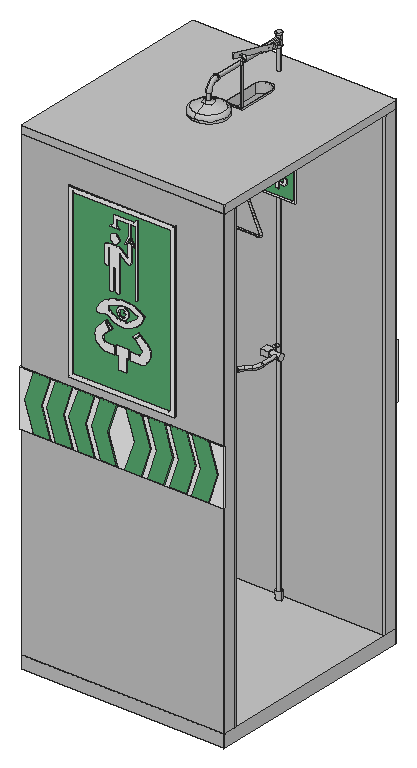
Revit family "Plumbing-Fixturse_Haws-Corporation_8606SS(Final)", category Plumbing Fixtures, Revit 2020 (continued)
Definition of nested family "Rod"
  Lines and regions (in)
    sketch lines
      curve 5: arc (0, -3.39816, -27.79365) -> (0, -3.3808, -28.03248) -> (0, -3.17059, -28.14716) r 0.25
      curve 6: arc (0, 2.92109, -28.14716) -> (0, 3.13122, -28.0326) -> (0, 3.14877, -27.7939) r 0.25
      curve 7: line (0, -0.24998, -20.47929) -> (0, -0.24998, -20.87226)
